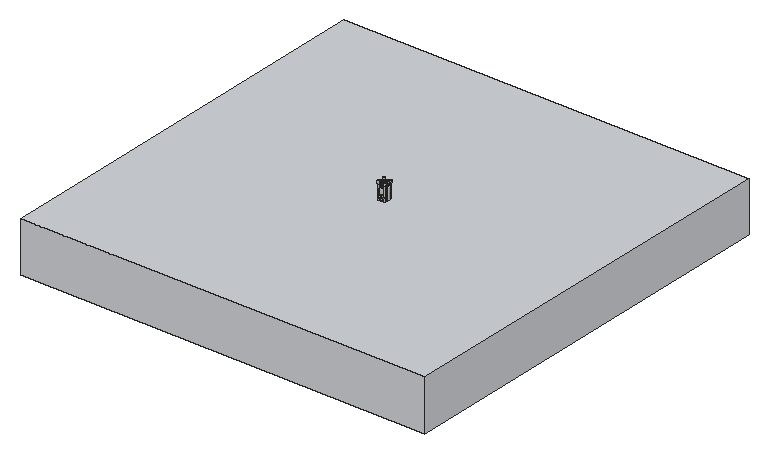
Revit family
Parameters (values of type "2802-100-001")
  URL = "http://www.acornvac.com/"
  Type Comments = ""
  Phone# = "626-336-4561"
  Model = "2802-100-001"
  Manufacturer = "AcornVac, Inc."
  Designed By = "Allied Technical Services"  # constant formula
  Description = "Pneumatic Controller"
  Default Elevation = 0"
  Creation Date = "08/05/2015"  # constant formula
  Assembly Code = "D3040100"
Reference planes (in)
  plane 1 "Center (Front/Back)": y = 0
  plane 2: z = 0
  plane 3 "Center (Left/Right)": x = 0
  plane 4: y = 1
  plane 5: y = -1
  plane 6: x = 1
  plane 7: x = -1
  plane 8: z = 4.125
  plane 9: x = -1.3125
  plane 10: x = 1.3125
Forms (in)
  Extrusion 1, solid
    sketch origin (0, 0, 0) x (1, 0, 0) y (0, 1, 0)
      loop
        line (-48, 48) -> (-48, -48) -> (48, -48) -> (48, 48) -> (-48, 48)
    from 0 to -12
  Revolve 2, solid, material "Stainless Steel-Acorn-Satin"
    sketch origin (0, 0, 0) x (1, 0, 0) y (0, 0, 1)
      loop
        line (-0.97369, 0.2522) -> (-0.97369, 0.14844) -> (-0.92429, 0.14844) -> (-0.92429, 0) -> (0, 0) -> (0, 3.68215)
        arc (0, 3.68215) -> (-0.12928, 3.67261) -> (-0.25576, 3.64419) r 0.88062
        arc (-0.25576, 3.64419) -> (-0.2831, 3.62493) -> (-0.29357, 3.59317) r 0.05328
        line (-0.29357, 3.59317) -> (-0.29354, 3.55098)
        arc (-0.29354, 3.55098) -> (-0.30693, 3.53757) -> (-0.32034, 3.55095) r 0.0134
        line (-0.32034, 3.55095) -> (-0.3204, 3.60762) -> (-0.44343, 3.60762) -> (-0.48201, 3.54936) -> (-0.75661, 3.54936)
        arc (-0.75661, 3.54936) -> (-0.80385, 3.52987) -> (-0.82361, 3.48273) r 0.067
        arc (-0.82361, 3.48273) -> (-0.83259, 3.45195) -> (-0.85647, 3.43056) r 0.05835
        arc (-0.85647, 3.43056) -> (-0.88317, 3.40659) -> (-0.89308, 3.3721) r 0.065
        line (-0.89308, 3.3721) -> (-0.89308, 3.32011)
        arc (-0.89308, 3.32011) -> (-0.90647, 3.28495) -> (-0.93986, 3.26762) r 0.05284
        arc (-0.93986, 3.26762) -> (-0.97784, 3.24789) -> (-0.99308, 3.20789) r 0.06012
        line (-0.99308, 3.20789) -> (-0.99308, 2.92235)
        arc (-0.99308, 2.92235) -> (-0.98363, 2.89953) -> (-0.96082, 2.89008) r 0.03227
        line (-0.96082, 2.89008) -> (-0.92429, 2.89008) -> (-0.92429, 1.37365) -> (-0.83671, 1.37365) -> (-0.83671, 1.12365) -> (-0.89308, 1.12365) -> (-0.89308, 0.29185) -> (-0.97369, 0.2522)
      axis (0, 3.68215) -> (0, 0)
    angle from 0 to 360
  Revolve 3, solid, material "Stainless Steel-Acorn-Satin"
    sketch origin (8.14595, -0.6512, 0.28051) x (1, 0, 0) y (0, 0, 1)
      loop
        line (-8.41503, 3.84449) -> (-8.54374, 3.84449) -> (-8.57128, 3.82661) -> (-8.57128, 3.05786) -> (-8.41503, 3.05786) -> (-8.41503, 3.84449)
      axis (-8.41503, 3.05786) -> (-8.41503, 3.84449)
    angle from 0 to 360
  Extrusion 4, solid, material "Stainless Steel-Acorn-Satin"
    sketch origin (9.05497, 0, 8.57055) x (1, 0, 0) y (0, 0, 1)
      loop
        circle (-9.22684, -7.68208) r 0.15625
      loop
        circle (-8.72684, -7.96708) r 0.15625
      loop
        circle (-8.72684, -7.96708) r 0.106
      loop
        circle (-9.22684, -7.68208) r 0.106
    from 0.64248 to 1.50011
  Extrusion 5, solid, material "Stainless Steel-Acorn-Satin"
    sketch origin (-0.01562, 0.01562, 0) x (1, 0, 0) y (0, 1, 0)
      loop
        circle (-0.75201, 0.75348) r 0.1875
    from 0 to 3.5
  Extrusion 6, solid, material "Stainless Steel-Acorn-Satin"
    sketch origin (0.01563, 0.01562, 0) x (-1, 0, 0) y (0, -1, 0)
      loop
        circle (-0.75201, -0.75348) r 0.1875
    from 0 to 3.5
  Extrusion 7, solid, material "Stainless Steel-Acorn-Satin"
    sketch origin (-0.01562, -0.01563, 0) x (1, 0, 0) y (0, 1, 0)
      loop
        circle (-0.75201, -0.75348) r 0.1875
    from 0 to 3.5
  Extrusion 8, solid, material "Stainless Steel-Acorn-Satin"
    sketch origin (0.01563, -0.01563, 0) x (-1, 0, 0) y (0, -1, 0)
      loop
        circle (-0.75201, 0.75348) r 0.1875
    from 0 to 3.5
  Extrusion 9, solid, material "Stainless Steel-Acorn-Satin"
    sketch origin (-0.01563, 0.01562, -0.125) x (1, 0, 0) y (0, 1, 0)
      loop
        circle (-0.75201, 0.75348) r 0.23041
    from 3.5 to 4
  Extrusion 10, solid, material "Stainless Steel-Acorn-Satin"
    sketch origin (-0.01563, -0.01563, -0.125) x (1, 0, 0) y (0, 1, 0)
      loop
        circle (-0.75201, -0.75348) r 0.23041
    from 3.5 to 4
  Extrusion 11, solid, material "Stainless Steel-Acorn-Satin"
    sketch origin (0.01563, 0.01562, -0.125) x (-1, 0, 0) y (0, -1, 0)
      loop
        circle (-0.75201, -0.75348) r 0.23041
    from 3.5 to 4
  Extrusion 12, solid, material "Stainless Steel-Acorn-Satin"
    sketch origin (0.01563, -0.01563, -0.125) x (-1, 0, 0) y (0, -1, 0)
      loop
        circle (-0.75201, 0.75348) r 0.23041
    from 3.5 to 4
  Extrusion 13, solid, material "Stainless Steel-Acorn-Satin"
    sketch origin (0.0018, -0.28906, -1.12365) x (-1, 0, 0) y (0, -1, 0)
      loop
        arc (1.0757, -0.23685) -> (1.31452, 0.00197) -> (1.0757, 0.24079) r 0.23882
        line (1.0757, 0.24079) -> (0.4697, 0.24079) -> (0.4697, -0.23685) -> (1.0757, -0.23685)
    from 1.12365 to 3.43305
  Extrusion 14, solid, material "Stainless Steel-Acorn-Satin"
    sketch origin (-0.00178, -0.00093, 0) x (1, 0, 0) y (0, 1, 0)
      loop
        line (1.07544, 0.23685) -> (0.72703, 0.23685) -> (0.72703, -0.24951) -> (1.08132, -0.24079)
        arc (1.08132, -0.24079) -> (1.31428, 0.00093) -> (1.07544, 0.23685) r 0.23886
    from 0.29185 to 3.09675
Cuts and joins
  joined: Revolve 2, Revolve 3, Extrusion 4, Extrusion 5, Extrusion 6, Extrusion 7, Extrusion 8, Extrusion 13
Dimensions and locks (in)
  plane 9 to plane 10 = 2 5/8"
  plane 8 to Extrusion 1 = 4 1/8"
  aligned and locked: plane 2 to Extrusion 1
  aligned and locked: level to Extrusion 1
Connectors (in)
  hvac at (-0.17187, -1.50011, 0.88847)
    settings: on cut or joined group of Revolve 2, Revolve 3, Extrusion 4, Extrusion 5, Extrusion 6, Extrusion 7, Extrusion 8, Extrusion 13, index 1
  piping at (-0.26908, -0.6512, 4.125)
    settings: on cut or joined group of Revolve 2, Revolve 3, Extrusion 4, Extrusion 5, Extrusion 6, Extrusion 7, Extrusion 8, Extrusion 13, index 2
  piping at (0.32813, -1.50011, 0.60347)
    settings: on cut or joined group of Revolve 2, Revolve 3, Extrusion 4, Extrusion 5, Extrusion 6, Extrusion 7, Extrusion 8, Extrusion 13, index 3
